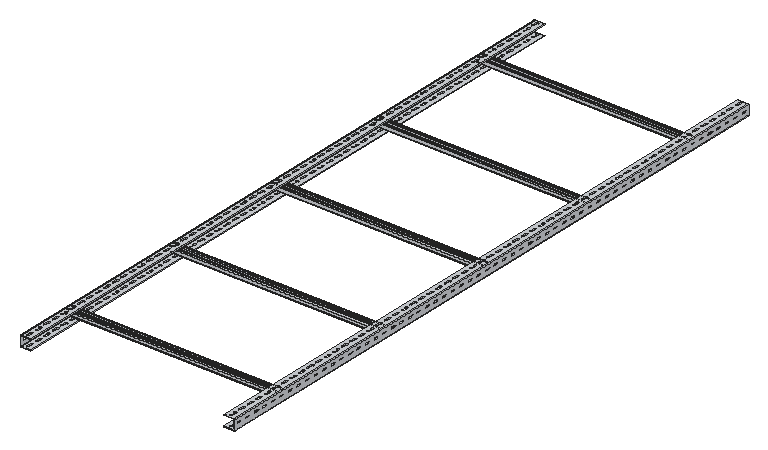
Revit family "steigeleiter_1000_FT", category Generic Models, Revit 2017 (continued)
Forms (mm)
  Extrusion 306, void
    sketch origin (0, 250, 0) x (0, 1, 0) y (0, 0, 1)
      loop
        line (15.5, 19.5) -> (34.5, 19.5)
        arc (34.5, 19.5) -> (40, 25) -> (34.5, 30.5) r 5.5
    from -500 to -497.5
  Extrusion 307, void
    sketch origin (0, 300, 0) x (0, 1, 0) y (0, 0, 1)
      loop
        line (34.5, 30.5) -> (15.5, 30.5)
        arc (15.5, 30.5) -> (10, 25) -> (15.5, 19.5) r 5.5
        line (15.5, 19.5) -> (34.5, 19.5)
        arc (34.5, 19.5) -> (40, 25) -> (34.5, 30.5) r 5.5
    from -500 to -497.5
  Extrusion 308, void
    sketch origin (0, 350, 0) x (0, 1, 0) y (0, 0, 1)
      loop
        line (34.5, 30.5) -> (15.5, 30.5)
        arc (15.5, 30.5) -> (10, 25) -> (15.5, 19.5) r 5.5
        line (15.5, 19.5) -> (34.5, 19.5)
        arc (34.5, 19.5) -> (40, 25) -> (34.5, 30.5) r 5.5
    from -500 to -497.5
  Extrusion 309, void
    sketch origin (0, 400, 0) x (0, 1, 0) y (0, 0, 1)
      loop
        line (34.5, 30.5) -> (15.5, 30.5)
        arc (15.5, 30.5) -> (10, 25) -> (15.5, 19.5) r 5.5
        line (15.5, 19.5) -> (34.5, 19.5)
        arc (34.5, 19.5) -> (40, 25) -> (34.5, 30.5) r 5.5
    from -500 to -497.5
  Extrusion 310, void
    sketch origin (0, 450, 0) x (0, 1, 0) y (0, 0, 1)
      loop
        line (34.5, 30.5) -> (15.5, 30.5)
        arc (15.5, 30.5) -> (10, 25) -> (15.5, 19.5) r 5.5
        line (15.5, 19.5) -> (34.5, 19.5)
        arc (34.5, 19.5) -> (40, 25) -> (34.5, 30.5) r 5.5
    from -500 to -497.5
  Extrusion 311, void
    sketch origin (0, 500, 0) x (0, 1, 0) y (0, 0, 1)
      loop
        line (34.5, 30.5) -> (15.5, 30.5)
        arc (15.5, 30.5) -> (10, 25) -> (15.5, 19.5) r 5.5
        line (15.5, 19.5) -> (34.5, 19.5)
        arc (34.5, 19.5) -> (40, 25) -> (34.5, 30.5) r 5.5
    from -500 to -497.5
  Extrusion 312, void
    sketch origin (0, 550, 0) x (0, 1, 0) y (0, 0, 1)
      loop
        line (34.5, 30.5) -> (15.5, 30.5)
        arc (15.5, 30.5) -> (10, 25) -> (15.5, 19.5) r 5.5
        line (15.5, 19.5) -> (34.5, 19.5)
        arc (34.5, 19.5) -> (40, 25) -> (34.5, 30.5) r 5.5
    from -500 to -497.5
  Extrusion 313, void
    sketch origin (0, 600, 0) x (0, 1, 0) y (0, 0, 1)
      loop
        line (34.5, 30.5) -> (15.5, 30.5)
        arc (15.5, 30.5) -> (10, 25) -> (15.5, 19.5) r 5.5
        line (15.5, 19.5) -> (34.5, 19.5)
        arc (34.5, 19.5) -> (40, 25) -> (34.5, 30.5) r 5.5
    from -500 to -497.5
  Extrusion 314, void
    sketch origin (0, 650, 0) x (0, 1, 0) y (0, 0, 1)
      loop
        line (34.5, 30.5) -> (15.5, 30.5)
        arc (15.5, 30.5) -> (10, 25) -> (15.5, 19.5) r 5.5
        line (15.5, 19.5) -> (34.5, 19.5)
        arc (34.5, 19.5) -> (40, 25) -> (34.5, 30.5) r 5.5
    from -500 to -497.5
  Extrusion 315, void
    sketch origin (0, 700, 0) x (0, 1, 0) y (0, 0, 1)
      loop
        line (34.5, 30.5) -> (15.5, 30.5)
        arc (15.5, 30.5) -> (10, 25) -> (15.5, 19.5) r 5.5
        line (15.5, 19.5) -> (34.5, 19.5)
        arc (34.5, 19.5) -> (40, 25) -> (34.5, 30.5) r 5.5
    from -500 to -497.5
  Extrusion 316, void
    sketch origin (0, 750, 0) x (0, 1, 0) y (0, 0, 1)
      loop
        line (34.5, 30.5) -> (15.5, 30.5)
        arc (15.5, 30.5) -> (10, 25) -> (15.5, 19.5) r 5.5
        line (15.5, 19.5) -> (34.5, 19.5)
        arc (34.5, 19.5) -> (40, 25) -> (34.5, 30.5) r 5.5
    from -500 to -497.5
  Extrusion 317, void
    sketch origin (0, 800, 0) x (0, 1, 0) y (0, 0, 1)
      loop
        line (34.5, 30.5) -> (15.5, 30.5)
        arc (15.5, 30.5) -> (10, 25) -> (15.5, 19.5) r 5.5
        line (15.5, 19.5) -> (34.5, 19.5)
        arc (34.5, 19.5) -> (40, 25) -> (34.5, 30.5) r 5.5
    from -500 to -497.5
  Extrusion 318, void
    sketch origin (0, 850, 0) x (0, 1, 0) y (0, 0, 1)
      loop
        line (34.5, 30.5) -> (15.5, 30.5)
        arc (15.5, 30.5) -> (10, 25) -> (15.5, 19.5) r 5.5
        line (15.5, 19.5) -> (34.5, 19.5)
        arc (34.5, 19.5) -> (40, 25) -> (34.5, 30.5) r 5.5
    from -500 to -497.5
  Extrusion 319, void
    sketch origin (0, 900, 0) x (0, 1, 0) y (0, 0, 1)
      loop
        line (34.5, 30.5) -> (15.5, 30.5)
        arc (15.5, 30.5) -> (10, 25) -> (15.5, 19.5) r 5.5
        line (15.5, 19.5) -> (34.5, 19.5)
        arc (34.5, 19.5) -> (40, 25) -> (34.5, 30.5) r 5.5
    from -500 to -497.5
  Extrusion 320, void
    sketch origin (0, 950, 0) x (0, 1, 0) y (0, 0, 1)
      loop
        line (34.5, 30.5) -> (15.5, 30.5)
        arc (15.5, 30.5) -> (10, 25) -> (15.5, 19.5) r 5.5
        line (15.5, 19.5) -> (34.5, 19.5)
        arc (34.5, 19.5) -> (40, 25) -> (34.5, 30.5) r 5.5
    from -500 to -497.5
  Extrusion 321, void
    sketch origin (0, 1000, 0) x (0, 1, 0) y (0, 0, 1)
      loop
        line (34.5, 30.5) -> (15.5, 30.5)
        arc (15.5, 30.5) -> (10, 25) -> (15.5, 19.5) r 5.5
        line (15.5, 19.5) -> (34.5, 19.5)
        arc (34.5, 19.5) -> (40, 25) -> (34.5, 30.5) r 5.5
    from -500 to -497.5
  Extrusion 322, void
    sketch origin (0, 1050, 0) x (0, 1, 0) y (0, 0, 1)
      loop
        line (34.5, 30.5) -> (15.5, 30.5)
        arc (15.5, 30.5) -> (10, 25) -> (15.5, 19.5) r 5.5
        line (15.5, 19.5) -> (34.5, 19.5)
        arc (34.5, 19.5) -> (40, 25) -> (34.5, 30.5) r 5.5
    from -500 to -497.5
  Extrusion 323, void
    sketch origin (0, 1100, 0) x (0, 1, 0) y (0, 0, 1)
      loop
        line (34.5, 30.5) -> (15.5, 30.5)
        arc (15.5, 30.5) -> (10, 25) -> (15.5, 19.5) r 5.5
        line (15.5, 19.5) -> (34.5, 19.5)
        arc (34.5, 19.5) -> (40, 25) -> (34.5, 30.5) r 5.5
    from -500 to -497.5
  Extrusion 324, void
    sketch origin (0, 1150, 0) x (0, 1, 0) y (0, 0, 1)
      loop
        line (34.5, 30.5) -> (15.5, 30.5)
        arc (15.5, 30.5) -> (10, 25) -> (15.5, 19.5) r 5.5
        line (15.5, 19.5) -> (34.5, 19.5)
        arc (34.5, 19.5) -> (40, 25) -> (34.5, 30.5) r 5.5
    from -500 to -497.5
  Extrusion 325, void
    sketch origin (0, 1200, 0) x (0, 1, 0) y (0, 0, 1)
      loop
        line (34.5, 30.5) -> (15.5, 30.5)
        arc (15.5, 30.5) -> (10, 25) -> (15.5, 19.5) r 5.5
        line (15.5, 19.5) -> (34.5, 19.5)
        arc (34.5, 19.5) -> (40, 25) -> (34.5, 30.5) r 5.5
    from -500 to -497.5
  Extrusion 326, void
    sketch origin (0, 1250, 0) x (0, 1, 0) y (0, 0, 1)
      loop
        line (34.5, 30.5) -> (15.5, 30.5)
        arc (15.5, 30.5) -> (10, 25) -> (15.5, 19.5) r 5.5
        line (15.5, 19.5) -> (34.5, 19.5)
        arc (34.5, 19.5) -> (40, 25) -> (34.5, 30.5) r 5.5
    from -500 to -497.5
  Extrusion 327, void
    sketch origin (0, 1300, 0) x (0, 1, 0) y (0, 0, 1)
      loop
        line (34.5, 30.5) -> (15.5, 30.5)
        arc (15.5, 30.5) -> (10, 25) -> (15.5, 19.5) r 5.5
        line (15.5, 19.5) -> (34.5, 19.5)
        arc (34.5, 19.5) -> (40, 25) -> (34.5, 30.5) r 5.5
    from -500 to -497.5
  Extrusion 328, void
    sketch origin (0, 1350, 0) x (0, 1, 0) y (0, 0, 1)
      loop
        line (34.5, 30.5) -> (15.5, 30.5)
        arc (15.5, 30.5) -> (10, 25) -> (15.5, 19.5) r 5.5
        line (15.5, 19.5) -> (34.5, 19.5)
        arc (34.5, 19.5) -> (40, 25) -> (34.5, 30.5) r 5.5
    from -500 to -497.5
  Extrusion 329, void
    sketch origin (0, 1400, 0) x (0, 1, 0) y (0, 0, 1)
      loop
        line (34.5, 30.5) -> (15.5, 30.5)
        arc (15.5, 30.5) -> (10, 25) -> (15.5, 19.5) r 5.5
        line (15.5, 19.5) -> (34.5, 19.5)
        arc (34.5, 19.5) -> (40, 25) -> (34.5, 30.5) r 5.5
    from -500 to -497.5
  Extrusion 330, void
    sketch origin (0, 1450, 0) x (0, 1, 0) y (0, 0, 1)
      loop
        line (34.5, 30.5) -> (15.5, 30.5)
        arc (15.5, 30.5) -> (10, 25) -> (15.5, 19.5) r 5.5
        line (15.5, 19.5) -> (34.5, 19.5)
        arc (34.5, 19.5) -> (40, 25) -> (34.5, 30.5) r 5.5
    from -500 to -497.5
  Extrusion 331, void
    sketch origin (0, 1500, 0) x (0, 1, 0) y (0, 0, 1)
      loop
        line (34.5, 30.5) -> (15.5, 30.5)
        arc (15.5, 30.5) -> (10, 25) -> (15.5, 19.5) r 5.5
        line (15.5, 19.5) -> (34.5, 19.5)
        arc (34.5, 19.5) -> (40, 25) -> (34.5, 30.5) r 5.5
    from -500 to -497.5
  Extrusion 332, void
    sketch origin (0, 1550, 0) x (0, 1, 0) y (0, 0, 1)
      loop
        line (34.5, 30.5) -> (15.5, 30.5)
        arc (15.5, 30.5) -> (10, 25) -> (15.5, 19.5) r 5.5
        line (15.5, 19.5) -> (34.5, 19.5)
        arc (34.5, 19.5) -> (40, 25) -> (34.5, 30.5) r 5.5
    from -500 to -497.5
  Extrusion 333, void
    sketch origin (0, 1600, 0) x (0, 1, 0) y (0, 0, 1)
      loop
        line (34.5, 30.5) -> (15.5, 30.5)
        arc (15.5, 30.5) -> (10, 25) -> (15.5, 19.5) r 5.5
        line (15.5, 19.5) -> (34.5, 19.5)
        arc (34.5, 19.5) -> (40, 25) -> (34.5, 30.5) r 5.5
    from -500 to -497.5
  Extrusion 334, void
    sketch origin (0, 1650, 0) x (0, 1, 0) y (0, 0, 1)
      loop
        line (34.5, 30.5) -> (15.5, 30.5)
        arc (15.5, 30.5) -> (10, 25) -> (15.5, 19.5) r 5.5
        line (15.5, 19.5) -> (34.5, 19.5)
        arc (34.5, 19.5) -> (40, 25) -> (34.5, 30.5) r 5.5
    from -500 to -497.5
  Extrusion 335, void
    sketch origin (0, 1700, 0) x (0, 1, 0) y (0, 0, 1)
      loop
        line (34.5, 30.5) -> (15.5, 30.5)
        arc (15.5, 30.5) -> (10, 25) -> (15.5, 19.5) r 5.5
        line (15.5, 19.5) -> (34.5, 19.5)
        arc (34.5, 19.5) -> (40, 25) -> (34.5, 30.5) r 5.5
    from -500 to -497.5
  Extrusion 336, void
    sketch origin (0, 1750, 0) x (0, 1, 0) y (0, 0, 1)
      loop
        line (34.5, 30.5) -> (15.5, 30.5)
        arc (15.5, 30.5) -> (10, 25) -> (15.5, 19.5) r 5.5
        line (15.5, 19.5) -> (34.5, 19.5)
        arc (34.5, 19.5) -> (40, 25) -> (34.5, 30.5) r 5.5
    from -500 to -497.5
  Extrusion 337, void
    sketch origin (0, 1800, 0) x (0, 1, 0) y (0, 0, 1)
      loop
        line (34.5, 30.5) -> (15.5, 30.5)
        arc (15.5, 30.5) -> (10, 25) -> (15.5, 19.5) r 5.5
        line (15.5, 19.5) -> (34.5, 19.5)
        arc (34.5, 19.5) -> (40, 25) -> (34.5, 30.5) r 5.5
    from -500 to -497.5
  Extrusion 338, void
    sketch origin (0, 1850, 0) x (0, 1, 0) y (0, 0, 1)
      loop
        line (34.5, 30.5) -> (15.5, 30.5)
        arc (15.5, 30.5) -> (10, 25) -> (15.5, 19.5) r 5.5
        line (15.5, 19.5) -> (34.5, 19.5)
        arc (34.5, 19.5) -> (40, 25) -> (34.5, 30.5) r 5.5
    from -500 to -497.5
  Extrusion 339, void
    sketch origin (0, 1900, 0) x (0, 1, 0) y (0, 0, 1)
      loop
        line (34.5, 30.5) -> (15.5, 30.5)
        arc (15.5, 30.5) -> (10, 25) -> (15.5, 19.5) r 5.5
        line (15.5, 19.5) -> (34.5, 19.5)
        arc (34.5, 19.5) -> (40, 25) -> (34.5, 30.5) r 5.5
    from -500 to -497.5
  Extrusion 340, void
    sketch origin (0, 1950, 0) x (0, 1, 0) y (0, 0, 1)
      loop
        line (34.5, 30.5) -> (15.5, 30.5)
        arc (15.5, 30.5) -> (10, 25) -> (15.5, 19.5) r 5.5
        line (15.5, 19.5) -> (34.5, 19.5)
        arc (34.5, 19.5) -> (40, 25) -> (34.5, 30.5) r 5.5
    from -500 to -497.5
  Extrusion 341, void
    sketch origin (0, 2000, 0) x (0, 1, 0) y (0, 0, 1)
      loop
        line (34.5, 30.5) -> (15.5, 30.5)
        arc (15.5, 30.5) -> (10, 25) -> (15.5, 19.5) r 5.5
        line (15.5, 19.5) -> (34.5, 19.5)
        arc (34.5, 19.5) -> (40, 25) -> (34.5, 30.5) r 5.5
    from -500 to -497.5
  Extrusion 342, void
    sketch origin (0, 2050, 0) x (0, 1, 0) y (0, 0, 1)
      loop
        line (34.5, 30.5) -> (15.5, 30.5)
        arc (15.5, 30.5) -> (10, 25) -> (15.5, 19.5) r 5.5
        line (15.5, 19.5) -> (34.5, 19.5)
        arc (34.5, 19.5) -> (40, 25) -> (34.5, 30.5) r 5.5
    from -500 to -497.5
  Extrusion 343, void
    sketch origin (0, 2100, 0) x (0, 1, 0) y (0, 0, 1)
      loop
        line (34.5, 30.5) -> (15.5, 30.5)
        arc (15.5, 30.5) -> (10, 25) -> (15.5, 19.5) r 5.5
        line (15.5, 19.5) -> (34.5, 19.5)
        arc (34.5, 19.5) -> (40, 25) -> (34.5, 30.5) r 5.5
    from -500 to -497.5
  Extrusion 344, void
    sketch origin (0, 2150, 0) x (0, 1, 0) y (0, 0, 1)
      loop
        line (34.5, 30.5) -> (15.5, 30.5)
        arc (15.5, 30.5) -> (10, 25) -> (15.5, 19.5) r 5.5
        line (15.5, 19.5) -> (34.5, 19.5)
        arc (34.5, 19.5) -> (40, 25) -> (34.5, 30.5) r 5.5
    from -500 to -497.5
  Extrusion 345, void
    sketch origin (0, 2200, 0) x (0, 1, 0) y (0, 0, 1)
      loop
        line (34.5, 30.5) -> (15.5, 30.5)
        arc (15.5, 30.5) -> (10, 25) -> (15.5, 19.5) r 5.5
        line (15.5, 19.5) -> (34.5, 19.5)
        arc (34.5, 19.5) -> (40, 25) -> (34.5, 30.5) r 5.5
    from -500 to -497.5
  Extrusion 346, void
    sketch origin (0, 2250, 0) x (0, 1, 0) y (0, 0, 1)
      loop
        line (34.5, 30.5) -> (15.5, 30.5)
        arc (15.5, 30.5) -> (10, 25) -> (15.5, 19.5) r 5.5
        line (15.5, 19.5) -> (34.5, 19.5)
        arc (34.5, 19.5) -> (40, 25) -> (34.5, 30.5) r 5.5
    from -500 to -497.5
  Extrusion 347, void
    sketch origin (0, 2300, 0) x (0, 1, 0) y (0, 0, 1)
      loop
        line (34.5, 30.5) -> (15.5, 30.5)
        arc (15.5, 30.5) -> (10, 25) -> (15.5, 19.5) r 5.5
        line (15.5, 19.5) -> (34.5, 19.5)
        arc (34.5, 19.5) -> (40, 25) -> (34.5, 30.5) r 5.5
    from -500 to -497.5
  Extrusion 348, void
    sketch origin (0, 2350, 0) x (0, 1, 0) y (0, 0, 1)
      loop
        line (34.5, 30.5) -> (15.5, 30.5)
        arc (15.5, 30.5) -> (10, 25) -> (15.5, 19.5) r 5.5
        line (15.5, 19.5) -> (34.5, 19.5)
        arc (34.5, 19.5) -> (40, 25) -> (34.5, 30.5) r 5.5
    from -500 to -497.5
  Extrusion 349, void
    sketch origin (0, 2400, 0) x (0, 1, 0) y (0, 0, 1)
      loop
        line (34.5, 30.5) -> (15.5, 30.5)
        arc (15.5, 30.5) -> (10, 25) -> (15.5, 19.5) r 5.5
        line (15.5, 19.5) -> (34.5, 19.5)
        arc (34.5, 19.5) -> (40, 25) -> (34.5, 30.5) r 5.5
    from -500 to -497.5
  Extrusion 350, void
    sketch origin (0, 2450, 0) x (0, 1, 0) y (0, 0, 1)
      loop
        line (34.5, 30.5) -> (15.5, 30.5)
        arc (15.5, 30.5) -> (10, 25) -> (15.5, 19.5) r 5.5
        line (15.5, 19.5) -> (34.5, 19.5)
        arc (34.5, 19.5) -> (40, 25) -> (34.5, 30.5) r 5.5
    from -500 to -497.5
  Extrusion 351, void
    sketch origin (0, 2500, 0) x (0, 1, 0) y (0, 0, 1)
      loop
        line (34.5, 30.5) -> (15.5, 30.5)
        arc (15.5, 30.5) -> (10, 25) -> (15.5, 19.5) r 5.5
        line (15.5, 19.5) -> (34.5, 19.5)
        arc (34.5, 19.5) -> (40, 25) -> (34.5, 30.5) r 5.5
    from -500 to -497.5
  Extrusion 352, void
    sketch origin (0, 2550, 0) x (0, 1, 0) y (0, 0, 1)
      loop
        line (34.5, 30.5) -> (15.5, 30.5)
        arc (15.5, 30.5) -> (10, 25) -> (15.5, 19.5) r 5.5
        line (15.5, 19.5) -> (34.5, 19.5)
        arc (34.5, 19.5) -> (40, 25) -> (34.5, 30.5) r 5.5
    from -500 to -497.5
  Extrusion 353, void
    sketch origin (0, 2600, 0) x (0, 1, 0) y (0, 0, 1)
      loop
        line (34.5, 30.5) -> (15.5, 30.5)
        arc (15.5, 30.5) -> (10, 25) -> (15.5, 19.5) r 5.5
        line (15.5, 19.5) -> (34.5, 19.5)
        arc (34.5, 19.5) -> (40, 25) -> (34.5, 30.5) r 5.5
    from -500 to -497.5
  Extrusion 354, void
    sketch origin (0, 2650, 0) x (0, 1, 0) y (0, 0, 1)
      loop
        line (34.5, 30.5) -> (15.5, 30.5)
        arc (15.5, 30.5) -> (10, 25) -> (15.5, 19.5) r 5.5
        line (15.5, 19.5) -> (34.5, 19.5)
        arc (34.5, 19.5) -> (40, 25) -> (34.5, 30.5) r 5.5
    from -500 to -497.5
  Extrusion 355, void
    sketch origin (0, 2700, 0) x (0, 1, 0) y (0, 0, 1)
      loop
        line (34.5, 30.5) -> (15.5, 30.5)
        arc (15.5, 30.5) -> (10, 25) -> (15.5, 19.5) r 5.5
        line (15.5, 19.5) -> (34.5, 19.5)
        arc (34.5, 19.5) -> (40, 25) -> (34.5, 30.5) r 5.5
    from -500 to -497.5
  Extrusion 356, void
    sketch origin (0, 2750, 0) x (0, 1, 0) y (0, 0, 1)
      loop
        line (34.5, 30.5) -> (15.5, 30.5)
        arc (15.5, 30.5) -> (10, 25) -> (15.5, 19.5) r 5.5
        line (15.5, 19.5) -> (34.5, 19.5)
        arc (34.5, 19.5) -> (40, 25) -> (34.5, 30.5) r 5.5
    from -500 to -497.5
  Extrusion 357, void
    sketch origin (0, 2800, 0) x (0, 1, 0) y (0, 0, 1)
      loop
        line (34.5, 30.5) -> (15.5, 30.5)
        arc (15.5, 30.5) -> (10, 25) -> (15.5, 19.5) r 5.5
        line (15.5, 19.5) -> (34.5, 19.5)
        arc (34.5, 19.5) -> (40, 25) -> (34.5, 30.5) r 5.5
    from -500 to -497.5
  Extrusion 358, void
    sketch origin (0, 2850, 0) x (0, 1, 0) y (0, 0, 1)
      loop
        line (34.5, 30.5) -> (15.5, 30.5)
        arc (15.5, 30.5) -> (10, 25) -> (15.5, 19.5) r 5.5
        line (15.5, 19.5) -> (34.5, 19.5)
        arc (34.5, 19.5) -> (40, 25) -> (34.5, 30.5) r 5.5
    from -500 to -497.5
  Extrusion 359, void
    sketch origin (0, 2900, 0) x (0, 1, 0) y (0, 0, 1)
      loop
        line (34.5, 30.5) -> (15.5, 30.5)
        arc (15.5, 30.5) -> (10, 25) -> (15.5, 19.5) r 5.5
        line (15.5, 19.5) -> (34.5, 19.5)
        arc (34.5, 19.5) -> (40, 25) -> (34.5, 30.5) r 5.5
    from -500 to -497.5
  Extrusion 360, void
    sketch origin (0, 2950, 0) x (0, 1, 0) y (0, 0, 1)
      loop
        line (34.5, 30.5) -> (15.5, 30.5)
        arc (15.5, 30.5) -> (10, 25) -> (15.5, 19.5) r 5.5
        line (15.5, 19.5) -> (34.5, 19.5)
        arc (34.5, 19.5) -> (40, 25) -> (34.5, 30.5) r 5.5
    from -500 to -497.5
  Extrusion 361, void
    sketch origin (0, 0, 0) x (0, 1, 0) y (0, 0, 1)
      loop
        line (34.5, 30.5) -> (15.5, 30.5)
        arc (15.5, 30.5) -> (10, 25) -> (15.5, 19.5) r 5.5
        line (15.5, 19.5) -> (34.5, 19.5)
        arc (34.5, 19.5) -> (40, 25) -> (34.5, 30.5) r 5.5
    from -500 to -497.5
  Extrusion 362, solid
    sketch origin (0, 0, 0) x (0, 1, 0) y (0, 0, 1)
      loop
        arc (257.5, 27) -> (256.086, 27.586) -> (255.5, 29) r 2
        line (255.5, 29) -> (255.5, 43.5)
        arc (255.5, 43.5) -> (256.086, 44.914) -> (257.5, 45.5) r 2
        line (257.5, 45.5) -> (261.5, 45.5)
        arc (261.5, 45.5) -> (262.207, 45.207) -> (262.5, 44.5) r 1
        line (262.5, 44.5) -> (262.5, 42) -> (264.5, 42) -> (264.5, 44.5)
        arc (264.5, 44.5) -> (263.621, 46.621) -> (261.5, 47.5) r 3
        line (261.5, 47.5) -> (257.5, 47.5)
        arc (257.5, 47.5) -> (254.672, 46.328) -> (253.5, 43.5) r 4
        line (253.5, 43.5) -> (253.5, 29)
        arc (253.5, 29) -> (254.672, 26.172) -> (257.5, 25) r 4
        line (257.5, 25) -> (289.5, 25)
        arc (289.5, 25) -> (292.328, 26.172) -> (293.5, 29) r 4
        line (293.5, 29) -> (293.5, 43.5)
        arc (293.5, 43.5) -> (292.328, 46.328) -> (289.5, 47.5) r 4
        line (289.5, 47.5) -> (285.5, 47.5)
        arc (285.5, 47.5) -> (283.379, 46.621) -> (282.5, 44.5) r 3
        line (282.5, 44.5) -> (282.5, 42) -> (284.5, 42) -> (284.5, 44.5)
        arc (284.5, 44.5) -> (284.793, 45.207) -> (285.5, 45.5) r 1
        line (285.5, 45.5) -> (289.5, 45.5)
        arc (289.5, 45.5) -> (290.914, 44.914) -> (291.5, 43.5) r 2
        line (291.5, 43.5) -> (291.5, 29)
        arc (291.5, 29) -> (290.914, 27.586) -> (289.5, 27) r 2
        line (289.5, 27) -> (257.5, 27)
    from -497.5 to 497.5
  Extrusion 363, solid
    sketch origin (0, 600, 0) x (0, 1, 0) y (0, 0, 1)
      loop
        arc (257.5, 27) -> (256.086, 27.586) -> (255.5, 29) r 2
        line (255.5, 29) -> (255.5, 43.5)
        arc (255.5, 43.5) -> (256.086, 44.914) -> (257.5, 45.5) r 2
        line (257.5, 45.5) -> (261.5, 45.5)
        arc (261.5, 45.5) -> (262.207, 45.207) -> (262.5, 44.5) r 1
        line (262.5, 44.5) -> (262.5, 42) -> (264.5, 42) -> (264.5, 44.5)
        arc (264.5, 44.5) -> (263.621, 46.621) -> (261.5, 47.5) r 3
        line (261.5, 47.5) -> (257.5, 47.5)
        arc (257.5, 47.5) -> (254.672, 46.328) -> (253.5, 43.5) r 4
        line (253.5, 43.5) -> (253.5, 29)
        arc (253.5, 29) -> (254.672, 26.172) -> (257.5, 25) r 4
        line (257.5, 25) -> (289.5, 25)
        arc (289.5, 25) -> (292.328, 26.172) -> (293.5, 29) r 4
        line (293.5, 29) -> (293.5, 43.5)
        arc (293.5, 43.5) -> (292.328, 46.328) -> (289.5, 47.5) r 4
        line (289.5, 47.5) -> (285.5, 47.5)
        arc (285.5, 47.5) -> (283.379, 46.621) -> (282.5, 44.5) r 3
        line (282.5, 44.5) -> (282.5, 42) -> (284.5, 42) -> (284.5, 44.5)
        arc (284.5, 44.5) -> (284.793, 45.207) -> (285.5, 45.5) r 1
        line (285.5, 45.5) -> (289.5, 45.5)
        arc (289.5, 45.5) -> (290.914, 44.914) -> (291.5, 43.5) r 2
        line (291.5, 43.5) -> (291.5, 29)
        arc (291.5, 29) -> (290.914, 27.586) -> (289.5, 27) r 2
        line (289.5, 27) -> (257.5, 27)
    from -497.5 to 497.5
  Extrusion 364, solid
    sketch origin (0, 1200, 0) x (0, 1, 0) y (0, 0, 1)
      loop
        arc (257.5, 27) -> (256.086, 27.586) -> (255.5, 29) r 2
        line (255.5, 29) -> (255.5, 43.5)
        arc (255.5, 43.5) -> (256.086, 44.914) -> (257.5, 45.5) r 2
        line (257.5, 45.5) -> (261.5, 45.5)
        arc (261.5, 45.5) -> (262.207, 45.207) -> (262.5, 44.5) r 1
        line (262.5, 44.5) -> (262.5, 42) -> (264.5, 42) -> (264.5, 44.5)
        arc (264.5, 44.5) -> (263.621, 46.621) -> (261.5, 47.5) r 3
        line (261.5, 47.5) -> (257.5, 47.5)
        arc (257.5, 47.5) -> (254.672, 46.328) -> (253.5, 43.5) r 4
        line (253.5, 43.5) -> (253.5, 29)
        arc (253.5, 29) -> (254.672, 26.172) -> (257.5, 25) r 4
        line (257.5, 25) -> (289.5, 25)
        arc (289.5, 25) -> (292.328, 26.172) -> (293.5, 29) r 4
        line (293.5, 29) -> (293.5, 43.5)
        arc (293.5, 43.5) -> (292.328, 46.328) -> (289.5, 47.5) r 4
        line (289.5, 47.5) -> (285.5, 47.5)
        arc (285.5, 47.5) -> (283.379, 46.621) -> (282.5, 44.5) r 3
        line (282.5, 44.5) -> (282.5, 42) -> (284.5, 42) -> (284.5, 44.5)
        arc (284.5, 44.5) -> (284.793, 45.207) -> (285.5, 45.5) r 1
        line (285.5, 45.5) -> (289.5, 45.5)
        arc (289.5, 45.5) -> (290.914, 44.914) -> (291.5, 43.5) r 2
        line (291.5, 43.5) -> (291.5, 29)
        arc (291.5, 29) -> (290.914, 27.586) -> (289.5, 27) r 2
        line (289.5, 27) -> (257.5, 27)
    from -497.5 to 497.5
  Extrusion 365, solid
    sketch origin (0, 1800, 0) x (0, 1, 0) y (0, 0, 1)
      loop
        arc (257.5, 27) -> (256.086, 27.586) -> (255.5, 29) r 2
        line (255.5, 29) -> (255.5, 43.5)
        arc (255.5, 43.5) -> (256.086, 44.914) -> (257.5, 45.5) r 2
        line (257.5, 45.5) -> (261.5, 45.5)
        arc (261.5, 45.5) -> (262.207, 45.207) -> (262.5, 44.5) r 1
        line (262.5, 44.5) -> (262.5, 42) -> (264.5, 42) -> (264.5, 44.5)
        arc (264.5, 44.5) -> (263.621, 46.621) -> (261.5, 47.5) r 3
        line (261.5, 47.5) -> (257.5, 47.5)
        arc (257.5, 47.5) -> (254.672, 46.328) -> (253.5, 43.5) r 4
        line (253.5, 43.5) -> (253.5, 29)
        arc (253.5, 29) -> (254.672, 26.172) -> (257.5, 25) r 4
        line (257.5, 25) -> (289.5, 25)
        arc (289.5, 25) -> (292.328, 26.172) -> (293.5, 29) r 4
        line (293.5, 29) -> (293.5, 43.5)
        arc (293.5, 43.5) -> (292.328, 46.328) -> (289.5, 47.5) r 4
        line (289.5, 47.5) -> (285.5, 47.5)
        arc (285.5, 47.5) -> (283.379, 46.621) -> (282.5, 44.5) r 3
        line (282.5, 44.5) -> (282.5, 42) -> (284.5, 42) -> (284.5, 44.5)
        arc (284.5, 44.5) -> (284.793, 45.207) -> (285.5, 45.5) r 1
        line (285.5, 45.5) -> (289.5, 45.5)
        arc (289.5, 45.5) -> (290.914, 44.914) -> (291.5, 43.5) r 2
        line (291.5, 43.5) -> (291.5, 29)
        arc (291.5, 29) -> (290.914, 27.586) -> (289.5, 27) r 2
        line (289.5, 27) -> (257.5, 27)
    from -497.5 to 497.5
  Extrusion 366, solid
    sketch origin (0, 2400, 0) x (0, 1, 0) y (0, 0, 1)
      loop
        arc (257.5, 27) -> (256.086, 27.586) -> (255.5, 29) r 2
        line (255.5, 29) -> (255.5, 43.5)
        arc (255.5, 43.5) -> (256.086, 44.914) -> (257.5, 45.5) r 2
        line (257.5, 45.5) -> (261.5, 45.5)
        arc (261.5, 45.5) -> (262.207, 45.207) -> (262.5, 44.5) r 1
        line (262.5, 44.5) -> (262.5, 42) -> (264.5, 42) -> (264.5, 44.5)
        arc (264.5, 44.5) -> (263.621, 46.621) -> (261.5, 47.5) r 3
        line (261.5, 47.5) -> (257.5, 47.5)
        arc (257.5, 47.5) -> (254.672, 46.328) -> (253.5, 43.5) r 4
        line (253.5, 43.5) -> (253.5, 29)
        arc (253.5, 29) -> (254.672, 26.172) -> (257.5, 25) r 4
        line (257.5, 25) -> (289.5, 25)
        arc (289.5, 25) -> (292.328, 26.172) -> (293.5, 29) r 4
        line (293.5, 29) -> (293.5, 43.5)
        arc (293.5, 43.5) -> (292.328, 46.328) -> (289.5, 47.5) r 4
        line (289.5, 47.5) -> (285.5, 47.5)
        arc (285.5, 47.5) -> (283.379, 46.621) -> (282.5, 44.5) r 3
        line (282.5, 44.5) -> (282.5, 42) -> (284.5, 42) -> (284.5, 44.5)
        arc (284.5, 44.5) -> (284.793, 45.207) -> (285.5, 45.5) r 1
        line (285.5, 45.5) -> (289.5, 45.5)
        arc (289.5, 45.5) -> (290.914, 44.914) -> (291.5, 43.5) r 2
        line (291.5, 43.5) -> (291.5, 29)
        arc (291.5, 29) -> (290.914, 27.586) -> (289.5, 27) r 2
        line (289.5, 27) -> (257.5, 27)
    from -497.5 to 497.5
Cuts and joins
  Extrusion 2, Extrusion 3, Extrusion 4, Extrusion 5, Extrusion 6, Extrusion 7, Extrusion 8, Extrusion 9, Extrusion 10, Extrusion 11, Extrusion 12, Extrusion 13, Extrusion 14, Extrusion 15, Extrusion 16, Extrusion 17, Extrusion 18, Extrusion 19, Extrusion 20, Extrusion 21, Extrusion 22, Extrusion 23, Extrusion 24, Extrusion 25, Extrusion 26, Extrusion 27, Extrusion 28, Extrusion 29, Extrusion 30, Extrusion 31, Extrusion 32, Extrusion 33, Extrusion 34, Extrusion 35, Extrusion 36, Extrusion 37, Extrusion 38, Extrusion 39, Extrusion 40, Extrusion 41, Extrusion 42, Extrusion 43, Extrusion 44, Extrusion 45, Extrusion 46, Extrusion 47, Extrusion 48, Extrusion 49, Extrusion 50, Extrusion 51, Extrusion 52, Extrusion 53, Extrusion 54, Extrusion 55, Extrusion 56, Extrusion 57, Extrusion 58, Extrusion 59, Extrusion 60, Extrusion 61, Extrusion 62, Extrusion 63, Extrusion 64, Extrusion 65, Extrusion 66, Extrusion 67, Extrusion 68, Extrusion 69, Extrusion 70, Extrusion 71, Extrusion 72, Extrusion 73, Extrusion 74, Extrusion 75, Extrusion 76, Extrusion 77, Extrusion 78, Extrusion 79, Extrusion 80, Extrusion 81, Extrusion 82, Extrusion 83, Extrusion 84, Extrusion 85, Extrusion 86, Extrusion 87, Extrusion 88, Extrusion 89, Extrusion 90, Extrusion 91, Extrusion 92, Extrusion 93, Extrusion 94, Extrusion 95, Extrusion 96, Extrusion 97, Extrusion 98, Extrusion 99, Extrusion 100, Extrusion 101, Extrusion 102, Extrusion 103, Extrusion 104, Extrusion 105, Extrusion 106, Extrusion 107, Extrusion 108, Extrusion 109, Extrusion 110, Extrusion 111, Extrusion 112, Extrusion 113, Extrusion 114, Extrusion 115, Extrusion 116, Extrusion 117, Extrusion 118, Extrusion 119, Extrusion 120, Extrusion 121, Extrusion 122, Extrusion 123, Extrusion 124, Extrusion 125, Extrusion 126, Extrusion 127, Extrusion 128, Extrusion 129, Extrusion 130, Extrusion 131, Extrusion 132, Extrusion 133, Extrusion 134, Extrusion 135, Extrusion 136, Extrusion 137, Extrusion 138, Extrusion 139, Extrusion 140, Extrusion 141, Extrusion 142, Extrusion 143, Extrusion 144, Extrusion 145, Extrusion 146, Extrusion 147, Extrusion 148, Extrusion 149, Extrusion 150, Extrusion 151, Extrusion 152, Extrusion 153, Extrusion 154, Extrusion 155, Extrusion 156, Extrusion 157, Extrusion 158, Extrusion 159, Extrusion 160, Extrusion 161, Extrusion 162, Extrusion 163, Extrusion 164, Extrusion 165, Extrusion 166, Extrusion 167, Extrusion 168, Extrusion 169, Extrusion 170, Extrusion 171, Extrusion 172, Extrusion 173, Extrusion 174, Extrusion 175, Extrusion 176, Extrusion 177, Extrusion 178, Extrusion 179, Extrusion 180, Extrusion 181, Extrusion 182, Extrusion 183, Extrusion 184, Extrusion 185, Extrusion 186, Extrusion 187, Extrusion 188, Extrusion 189, Extrusion 190, Extrusion 191, Extrusion 192, Extrusion 193, Extrusion 194, Extrusion 195, Extrusion 196, Extrusion 197, Extrusion 198, Extrusion 199, Extrusion 200, Extrusion 201, Extrusion 202, Extrusion 203, Extrusion 204, Extrusion 205, Extrusion 206, Extrusion 207, Extrusion 208, Extrusion 209, Extrusion 210, Extrusion 211, Extrusion 212, Extrusion 213, Extrusion 214, Extrusion 215, Extrusion 216, Extrusion 217, Extrusion 218, Extrusion 219, Extrusion 220, Extrusion 221, Extrusion 222, Extrusion 223, Extrusion 224, Extrusion 225, Extrusion 226, Extrusion 227, Extrusion 228, Extrusion 229, Extrusion 230, Extrusion 231, Extrusion 232, Extrusion 233, Extrusion 234, Extrusion 235, Extrusion 236, Extrusion 237, Extrusion 238, Extrusion 239, Extrusion 240, Extrusion 241, Extrusion 242, Extrusion 243, Extrusion 244, Extrusion 245, Extrusion 246, Extrusion 247, Extrusion 248, Extrusion 249, Extrusion 250, Extrusion 251, Extrusion 252, Extrusion 253, Extrusion 254, Extrusion 255, Extrusion 256, Extrusion 257, Extrusion 258, Extrusion 259, Extrusion 260, Extrusion 261, Extrusion 262, Extrusion 263, Extrusion 264, Extrusion 265, Extrusion 266, Extrusion 267, Extrusion 268, Extrusion 269, Extrusion 270, Extrusion 271, Extrusion 272, Extrusion 273, Extrusion 274, Extrusion 275, Extrusion 276, Extrusion 277, Extrusion 278, Extrusion 279, Extrusion 280, Extrusion 281, Extrusion 282, Extrusion 283, Extrusion 284, Extrusion 285, Extrusion 286, Extrusion 287, Extrusion 288, Extrusion 289, Extrusion 290, Extrusion 291, Extrusion 292, Extrusion 293, Extrusion 294, Extrusion 295, Extrusion 296, Extrusion 297, Extrusion 298, Extrusion 299, Extrusion 300, Extrusion 301, Extrusion 302, Extrusion 303, Extrusion 304, Extrusion 305, Extrusion 306, Extrusion 307, Extrusion 308, Extrusion 309, Extrusion 310, Extrusion 311, Extrusion 312, Extrusion 313, Extrusion 314, Extrusion 315, Extrusion 316, Extrusion 317, Extrusion 318, Extrusion 319, Extrusion 320, Extrusion 321, Extrusion 322, Extrusion 323, Extrusion 324, Extrusion 325, Extrusion 326, Extrusion 327, Extrusion 328, Extrusion 329, Extrusion 330, Extrusion 331, Extrusion 332, Extrusion 333, Extrusion 334, Extrusion 335, Extrusion 336, Extrusion 337, Extrusion 338, Extrusion 339, Extrusion 340, Extrusion 341, Extrusion 342, Extrusion 343, Extrusion 344, Extrusion 345, Extrusion 346, Extrusion 347, Extrusion 348, Extrusion 349, Extrusion 350, Extrusion 351, Extrusion 352, Extrusion 353, Extrusion 354, Extrusion 355, Extrusion 356, Extrusion 357, Extrusion 358, Extrusion 359, Extrusion 360, Extrusion 361 cuts Extrusion 1
Dimensions and locks
  locked: Extrusion 1 sketch curve to Extrusion 1 sketch curve at 2.5  (x6)
  Extrusion 1 sketch curve to Extrusion 1 sketch curve = 2.5 mm  (x3)
  locked: level to Extrusion 1 at 2.5
  "Length": plane 5 to plane 1 "Center (Front/Back)"
  locked: Extrusion 1 sketch curve to Extrusion 1 sketch curve at 50  (x6)
  Extrusion 1 sketch curve to Extrusion 1 sketch curve = 50 mm
  "Width": Extrusion 1 to Extrusion 1
  "Width 1": Extrusion 1 to plane 3 "Center (Left/Right)"
  locked: Extrusion 2 sketch curve to Extrusion 2 sketch curve at 11
  locked: Extrusion 3 sketch curve to Extrusion 3 sketch curve at 11
  locked: Extrusion 4 sketch curve to Extrusion 4 sketch curve at 11
  locked: Extrusion 5 sketch curve to Extrusion 5 sketch curve at 11
  locked: Extrusion 6 sketch curve to Extrusion 6 sketch curve at 11
  locked: Extrusion 7 sketch curve to Extrusion 7 sketch curve at 11
  locked: Extrusion 8 sketch curve to Extrusion 8 sketch curve at 11
  locked: Extrusion 9 sketch curve to Extrusion 9 sketch curve at 11
  locked: Extrusion 10 sketch curve to Extrusion 10 sketch curve at 11
  locked: Extrusion 11 sketch curve to Extrusion 11 sketch curve at 11
  locked: Extrusion 12 sketch curve to Extrusion 12 sketch curve at 11
  locked: Extrusion 13 sketch curve to Extrusion 13 sketch curve at 11
  locked: Extrusion 14 sketch curve to Extrusion 14 sketch curve at 11
  locked: Extrusion 15 sketch curve to Extrusion 15 sketch curve at 11
  locked: Extrusion 16 sketch curve to Extrusion 16 sketch curve at 11
  locked: Extrusion 17 sketch curve to Extrusion 17 sketch curve at 11
  locked: Extrusion 18 sketch curve to Extrusion 18 sketch curve at 11
  locked: Extrusion 19 sketch curve to Extrusion 19 sketch curve at 11
  locked: Extrusion 20 sketch curve to Extrusion 20 sketch curve at 11
  locked: Extrusion 21 sketch curve to Extrusion 21 sketch curve at 11
  locked: Extrusion 22 sketch curve to Extrusion 22 sketch curve at 11
  locked: Extrusion 23 sketch curve to Extrusion 23 sketch curve at 11
  locked: Extrusion 24 sketch curve to Extrusion 24 sketch curve at 11
  locked: Extrusion 25 sketch curve to Extrusion 25 sketch curve at 11
  locked: Extrusion 26 sketch curve to Extrusion 26 sketch curve at 11
  locked: Extrusion 27 sketch curve to Extrusion 27 sketch curve at 11
  locked: Extrusion 28 sketch curve to Extrusion 28 sketch curve at 11
  locked: Extrusion 29 sketch curve to Extrusion 29 sketch curve at 11
  locked: Extrusion 30 sketch curve to Extrusion 30 sketch curve at 11
  locked: Extrusion 31 sketch curve to Extrusion 31 sketch curve at 11
  locked: Extrusion 32 sketch curve to Extrusion 32 sketch curve at 11
  locked: Extrusion 33 sketch curve to Extrusion 33 sketch curve at 11
  locked: Extrusion 34 sketch curve to Extrusion 34 sketch curve at 11
  locked: Extrusion 35 sketch curve to Extrusion 35 sketch curve at 11
  locked: Extrusion 36 sketch curve to Extrusion 36 sketch curve at 11
  locked: Extrusion 37 sketch curve to Extrusion 37 sketch curve at 11
  locked: Extrusion 38 sketch curve to Extrusion 38 sketch curve at 11
  locked: Extrusion 39 sketch curve to Extrusion 39 sketch curve at 11
  locked: Extrusion 40 sketch curve to Extrusion 40 sketch curve at 11
  locked: Extrusion 41 sketch curve to Extrusion 41 sketch curve at 11
  locked: Extrusion 42 sketch curve to Extrusion 42 sketch curve at 11
  locked: Extrusion 43 sketch curve to Extrusion 43 sketch curve at 11
  locked: Extrusion 44 sketch curve to Extrusion 44 sketch curve at 11
  locked: Extrusion 45 sketch curve to Extrusion 45 sketch curve at 11
  locked: Extrusion 46 sketch curve to Extrusion 46 sketch curve at 11
  locked: Extrusion 47 sketch curve to Extrusion 47 sketch curve at 11
  locked: Extrusion 48 sketch curve to Extrusion 48 sketch curve at 11
  locked: Extrusion 49 sketch curve to Extrusion 49 sketch curve at 11
  locked: Extrusion 50 sketch curve to Extrusion 50 sketch curve at 11
  locked: Extrusion 51 sketch curve to Extrusion 51 sketch curve at 11
  locked: Extrusion 52 sketch curve to Extrusion 52 sketch curve at 11
  locked: Extrusion 53 sketch curve to Extrusion 53 sketch curve at 11
  locked: Extrusion 54 sketch curve to Extrusion 54 sketch curve at 11
  locked: Extrusion 55 sketch curve to Extrusion 55 sketch curve at 11
  locked: Extrusion 56 sketch curve to Extrusion 56 sketch curve at 11
  locked: Extrusion 57 sketch curve to Extrusion 57 sketch curve at 11
  locked: Extrusion 58 sketch curve to Extrusion 58 sketch curve at 11
  locked: Extrusion 59 sketch curve to Extrusion 59 sketch curve at 11
  locked: Extrusion 60 sketch curve to Extrusion 60 sketch curve at 11
  locked: Extrusion 61 sketch curve to Extrusion 61 sketch curve at 11
  locked: Extrusion 62 sketch curve to Extrusion 62 sketch curve at 11
  locked: Extrusion 63 sketch curve to Extrusion 63 sketch curve at 11
  locked: Extrusion 64 sketch curve to Extrusion 64 sketch curve at 11
  locked: Extrusion 65 sketch curve to Extrusion 65 sketch curve at 11
  locked: Extrusion 66 sketch curve to Extrusion 66 sketch curve at 11
  locked: Extrusion 67 sketch curve to Extrusion 67 sketch curve at 11
  locked: Extrusion 68 sketch curve to Extrusion 68 sketch curve at 11
  locked: Extrusion 69 sketch curve to Extrusion 69 sketch curve at 11
  locked: Extrusion 70 sketch curve to Extrusion 70 sketch curve at 11
  locked: Extrusion 71 sketch curve to Extrusion 71 sketch curve at 11
  locked: Extrusion 72 sketch curve to Extrusion 72 sketch curve at 11
  locked: Extrusion 73 sketch curve to Extrusion 73 sketch curve at 11
  locked: Extrusion 74 sketch curve to Extrusion 74 sketch curve at 11
  locked: Extrusion 75 sketch curve to Extrusion 75 sketch curve at 11
  locked: Extrusion 76 sketch curve to Extrusion 76 sketch curve at 11
  locked: Extrusion 77 sketch curve to Extrusion 77 sketch curve at 11
  locked: Extrusion 78 sketch curve to Extrusion 78 sketch curve at 11
  locked: Extrusion 79 sketch curve to Extrusion 79 sketch curve at 11
  locked: Extrusion 80 sketch curve to Extrusion 80 sketch curve at 11
  locked: Extrusion 81 sketch curve to Extrusion 81 sketch curve at 11
  locked: Extrusion 82 sketch curve to Extrusion 82 sketch curve at 11
  locked: Extrusion 83 sketch curve to Extrusion 83 sketch curve at 11
  locked: Extrusion 84 sketch curve to Extrusion 84 sketch curve at 11
  locked: Extrusion 85 sketch curve to Extrusion 85 sketch curve at 11
  locked: Extrusion 86 sketch curve to Extrusion 86 sketch curve at 11
  locked: Extrusion 87 sketch curve to Extrusion 87 sketch curve at 11
  locked: Extrusion 88 sketch curve to Extrusion 88 sketch curve at 11
  locked: Extrusion 89 sketch curve to Extrusion 89 sketch curve at 11
  locked: Extrusion 90 sketch curve to Extrusion 90 sketch curve at 11
  locked: Extrusion 91 sketch curve to Extrusion 91 sketch curve at 11
  locked: Extrusion 92 sketch curve to Extrusion 92 sketch curve at 11
  locked: Extrusion 93 sketch curve to Extrusion 93 sketch curve at 11
  locked: Extrusion 94 sketch curve to Extrusion 94 sketch curve at 11
  locked: Extrusion 95 sketch curve to Extrusion 95 sketch curve at 11
  locked: Extrusion 96 sketch curve to Extrusion 96 sketch curve at 11
  locked: Extrusion 97 sketch curve to Extrusion 97 sketch curve at 11
  locked: Extrusion 98 sketch curve to Extrusion 98 sketch curve at 11
  locked: Extrusion 99 sketch curve to Extrusion 99 sketch curve at 11
  locked: Extrusion 100 sketch curve to Extrusion 100 sketch curve at 11
  locked: Extrusion 101 sketch curve to Extrusion 101 sketch curve at 11
  locked: Extrusion 102 sketch curve to Extrusion 102 sketch curve at 11
  locked: Extrusion 103 sketch curve to Extrusion 103 sketch curve at 11
  locked: Extrusion 104 sketch curve to Extrusion 104 sketch curve at 11
  locked: Extrusion 105 sketch curve to Extrusion 105 sketch curve at 11
  locked: Extrusion 106 sketch curve to Extrusion 106 sketch curve at 11
  locked: Extrusion 107 sketch curve to Extrusion 107 sketch curve at 11
  locked: Extrusion 108 sketch curve to Extrusion 108 sketch curve at 11
  locked: Extrusion 109 sketch curve to Extrusion 109 sketch curve at 11
  locked: Extrusion 110 sketch curve to Extrusion 110 sketch curve at 11
  locked: Extrusion 111 sketch curve to Extrusion 111 sketch curve at 11
  locked: Extrusion 112 sketch curve to Extrusion 112 sketch curve at 11
  locked: Extrusion 113 sketch curve to Extrusion 113 sketch curve at 11
  locked: Extrusion 114 sketch curve to Extrusion 114 sketch curve at 11
  locked: Extrusion 115 sketch curve to Extrusion 115 sketch curve at 11
  locked: Extrusion 116 sketch curve to Extrusion 116 sketch curve at 11
  locked: Extrusion 117 sketch curve to Extrusion 117 sketch curve at 11
  locked: Extrusion 118 sketch curve to Extrusion 118 sketch curve at 11
  locked: Extrusion 119 sketch curve to Extrusion 119 sketch curve at 11
  locked: Extrusion 120 sketch curve to Extrusion 120 sketch curve at 11
  locked: Extrusion 121 sketch curve to Extrusion 121 sketch curve at 11
  locked: Extrusion 122 sketch curve to Extrusion 122 sketch curve at 11
  locked: Extrusion 123 sketch curve to Extrusion 123 sketch curve at 11
  equal spacing: group 119, group 120, group 121, group 122, group 123, group 124, group 125, group 126, group 127, group 128, group 129, group 130, group 131, group 132, group 133, group 134, group 135, group 136, group 137, group 138, group 139, group 140, group 141, group 142, group 143, group 144, group 145, group 146, group 147, group 148, group 149, group 150, group 151, group 152, group 153, group 154, group 155, group 156, group 157, group 158, group 159, group 160, group 161, group 162, group 163, group 164, group 165, group 166, group 167, group 168, group 169, group 170, group 171, group 172, group 173, group 174, group 175, group 176, group 177, group 178  (x3)
  locked: Extrusion 124 sketch curve to Extrusion 124 sketch curve at 11
  locked: Extrusion 125 sketch curve to Extrusion 125 sketch curve at 11
  locked: Extrusion 126 sketch curve to Extrusion 126 sketch curve at 11
  locked: Extrusion 127 sketch curve to Extrusion 127 sketch curve at 11
  locked: Extrusion 128 sketch curve to Extrusion 128 sketch curve at 11
  locked: Extrusion 129 sketch curve to Extrusion 129 sketch curve at 11
  locked: Extrusion 130 sketch curve to Extrusion 130 sketch curve at 11
  locked: Extrusion 131 sketch curve to Extrusion 131 sketch curve at 11
  locked: Extrusion 132 sketch curve to Extrusion 132 sketch curve at 11
  locked: Extrusion 133 sketch curve to Extrusion 133 sketch curve at 11
  locked: Extrusion 134 sketch curve to Extrusion 134 sketch curve at 11
  locked: Extrusion 135 sketch curve to Extrusion 135 sketch curve at 11
  locked: Extrusion 136 sketch curve to Extrusion 136 sketch curve at 11
  locked: Extrusion 137 sketch curve to Extrusion 137 sketch curve at 11
  locked: Extrusion 138 sketch curve to Extrusion 138 sketch curve at 11
  locked: Extrusion 139 sketch curve to Extrusion 139 sketch curve at 11
  locked: Extrusion 140 sketch curve to Extrusion 140 sketch curve at 11
  locked: Extrusion 141 sketch curve to Extrusion 141 sketch curve at 11
  locked: Extrusion 142 sketch curve to Extrusion 142 sketch curve at 11
  locked: Extrusion 143 sketch curve to Extrusion 143 sketch curve at 11
  locked: Extrusion 144 sketch curve to Extrusion 144 sketch curve at 11
  locked: Extrusion 145 sketch curve to Extrusion 145 sketch curve at 11
  locked: Extrusion 146 sketch curve to Extrusion 146 sketch curve at 11
  locked: Extrusion 147 sketch curve to Extrusion 147 sketch curve at 11
  locked: Extrusion 148 sketch curve to Extrusion 148 sketch curve at 11
  locked: Extrusion 149 sketch curve to Extrusion 149 sketch curve at 11
  locked: Extrusion 150 sketch curve to Extrusion 150 sketch curve at 11
  locked: Extrusion 151 sketch curve to Extrusion 151 sketch curve at 11
  locked: Extrusion 152 sketch curve to Extrusion 152 sketch curve at 11
  locked: Extrusion 153 sketch curve to Extrusion 153 sketch curve at 11
  locked: Extrusion 154 sketch curve to Extrusion 154 sketch curve at 11
  locked: Extrusion 155 sketch curve to Extrusion 155 sketch curve at 11
  locked: Extrusion 156 sketch curve to Extrusion 156 sketch curve at 11
  locked: Extrusion 157 sketch curve to Extrusion 157 sketch curve at 11
  locked: Extrusion 158 sketch curve to Extrusion 158 sketch curve at 11
  locked: Extrusion 159 sketch curve to Extrusion 159 sketch curve at 11
  locked: Extrusion 160 sketch curve to Extrusion 160 sketch curve at 11
  locked: Extrusion 161 sketch curve to Extrusion 161 sketch curve at 11
  locked: Extrusion 162 sketch curve to Extrusion 162 sketch curve at 11
  locked: Extrusion 163 sketch curve to Extrusion 163 sketch curve at 11
  locked: Extrusion 164 sketch curve to Extrusion 164 sketch curve at 11
  locked: Extrusion 165 sketch curve to Extrusion 165 sketch curve at 11
  locked: Extrusion 166 sketch curve to Extrusion 166 sketch curve at 11
  locked: Extrusion 167 sketch curve to Extrusion 167 sketch curve at 11
  locked: Extrusion 168 sketch curve to Extrusion 168 sketch curve at 11
  locked: Extrusion 169 sketch curve to Extrusion 169 sketch curve at 11
  locked: Extrusion 170 sketch curve to Extrusion 170 sketch curve at 11
  locked: Extrusion 171 sketch curve to Extrusion 171 sketch curve at 11
  locked: Extrusion 172 sketch curve to Extrusion 172 sketch curve at 11
  locked: Extrusion 173 sketch curve to Extrusion 173 sketch curve at 11
  locked: Extrusion 174 sketch curve to Extrusion 174 sketch curve at 11
  locked: Extrusion 175 sketch curve to Extrusion 175 sketch curve at 11
  locked: Extrusion 176 sketch curve to Extrusion 176 sketch curve at 11
  locked: Extrusion 177 sketch curve to Extrusion 177 sketch curve at 11
  locked: Extrusion 178 sketch curve to Extrusion 178 sketch curve at 11
  locked: Extrusion 179 sketch curve to Extrusion 179 sketch curve at 11
  locked: Extrusion 180 sketch curve to Extrusion 180 sketch curve at 11
  locked: Extrusion 181 sketch curve to Extrusion 181 sketch curve at 11
  locked: Extrusion 182 sketch curve to Extrusion 182 sketch curve at 11
  locked: Extrusion 183 sketch curve to Extrusion 183 sketch curve at 11
  equal spacing: group 179, group 180, group 181, group 182, group 183, group 184, group 185, group 186, group 187, group 188, group 189, group 190, group 191, group 192, group 193, group 194, group 195, group 196, group 197, group 198, group 199, group 200, group 201, group 202, group 203, group 204, group 205, group 206, group 207, group 208, group 209, group 210, group 211, group 212, group 213, group 214, group 215, group 216, group 217, group 218, group 219, group 220, group 221, group 222, group 223, group 224, group 225, group 226, group 227, group 228, group 229, group 230, group 231, group 232, group 233, group 234, group 235, group 236, group 237, group 238  (x3)
  locked: Extrusion 184 sketch curve to Extrusion 184 sketch curve at 11
  locked: Extrusion 185 sketch curve to Extrusion 185 sketch curve at 11
  locked: Extrusion 186 sketch curve to Extrusion 186 sketch curve at 11
  locked: Extrusion 187 sketch curve to Extrusion 187 sketch curve at 11
  locked: Extrusion 188 sketch curve to Extrusion 188 sketch curve at 11
  locked: Extrusion 189 sketch curve to Extrusion 189 sketch curve at 11
  locked: Extrusion 190 sketch curve to Extrusion 190 sketch curve at 11
  locked: Extrusion 191 sketch curve to Extrusion 191 sketch curve at 11
  locked: Extrusion 192 sketch curve to Extrusion 192 sketch curve at 11
  locked: Extrusion 193 sketch curve to Extrusion 193 sketch curve at 11
  locked: Extrusion 194 sketch curve to Extrusion 194 sketch curve at 11
  locked: Extrusion 195 sketch curve to Extrusion 195 sketch curve at 11
  locked: Extrusion 196 sketch curve to Extrusion 196 sketch curve at 11
  locked: Extrusion 197 sketch curve to Extrusion 197 sketch curve at 11
  locked: Extrusion 198 sketch curve to Extrusion 198 sketch curve at 11
  locked: Extrusion 199 sketch curve to Extrusion 199 sketch curve at 11
  locked: Extrusion 200 sketch curve to Extrusion 200 sketch curve at 11
  locked: Extrusion 201 sketch curve to Extrusion 201 sketch curve at 11
  locked: Extrusion 202 sketch curve to Extrusion 202 sketch curve at 11
  locked: Extrusion 203 sketch curve to Extrusion 203 sketch curve at 11
  locked: Extrusion 204 sketch curve to Extrusion 204 sketch curve at 11
  locked: Extrusion 205 sketch curve to Extrusion 205 sketch curve at 11
  locked: Extrusion 206 sketch curve to Extrusion 206 sketch curve at 11
  locked: Extrusion 207 sketch curve to Extrusion 207 sketch curve at 11
  locked: Extrusion 208 sketch curve to Extrusion 208 sketch curve at 11
  locked: Extrusion 209 sketch curve to Extrusion 209 sketch curve at 11
  locked: Extrusion 210 sketch curve to Extrusion 210 sketch curve at 11
  locked: Extrusion 211 sketch curve to Extrusion 211 sketch curve at 11
  locked: Extrusion 212 sketch curve to Extrusion 212 sketch curve at 11
  locked: Extrusion 213 sketch curve to Extrusion 213 sketch curve at 11
  locked: Extrusion 214 sketch curve to Extrusion 214 sketch curve at 11
  locked: Extrusion 215 sketch curve to Extrusion 215 sketch curve at 11
  locked: Extrusion 216 sketch curve to Extrusion 216 sketch curve at 11
  locked: Extrusion 217 sketch curve to Extrusion 217 sketch curve at 11
  locked: Extrusion 218 sketch curve to Extrusion 218 sketch curve at 11
  locked: Extrusion 219 sketch curve to Extrusion 219 sketch curve at 11
  locked: Extrusion 220 sketch curve to Extrusion 220 sketch curve at 11
  locked: Extrusion 221 sketch curve to Extrusion 221 sketch curve at 11
  locked: Extrusion 222 sketch curve to Extrusion 222 sketch curve at 11
  locked: Extrusion 223 sketch curve to Extrusion 223 sketch curve at 11
  locked: Extrusion 224 sketch curve to Extrusion 224 sketch curve at 11
  locked: Extrusion 225 sketch curve to Extrusion 225 sketch curve at 11
  locked: Extrusion 226 sketch curve to Extrusion 226 sketch curve at 11
  locked: Extrusion 227 sketch curve to Extrusion 227 sketch curve at 11
  locked: Extrusion 228 sketch curve to Extrusion 228 sketch curve at 11
  locked: Extrusion 229 sketch curve to Extrusion 229 sketch curve at 11
  locked: Extrusion 230 sketch curve to Extrusion 230 sketch curve at 11
  locked: Extrusion 231 sketch curve to Extrusion 231 sketch curve at 11
  locked: Extrusion 232 sketch curve to Extrusion 232 sketch curve at 11
  locked: Extrusion 233 sketch curve to Extrusion 233 sketch curve at 11
  locked: Extrusion 234 sketch curve to Extrusion 234 sketch curve at 11
  locked: Extrusion 235 sketch curve to Extrusion 235 sketch curve at 11
  locked: Extrusion 236 sketch curve to Extrusion 236 sketch curve at 11
  locked: Extrusion 237 sketch curve to Extrusion 237 sketch curve at 11
  locked: Extrusion 238 sketch curve to Extrusion 238 sketch curve at 11
  locked: Extrusion 239 sketch curve to Extrusion 239 sketch curve at 11
  locked: Extrusion 240 sketch curve to Extrusion 240 sketch curve at 11
  locked: Extrusion 241 sketch curve to Extrusion 241 sketch curve at 11
  locked: Extrusion 242 sketch curve to Extrusion 242 sketch curve at 11
  locked: Extrusion 243 sketch curve to Extrusion 243 sketch curve at 11
  locked: Extrusion 244 sketch curve to Extrusion 244 sketch curve at 11
  locked: Extrusion 245 sketch curve to Extrusion 245 sketch curve at 11
  locked: Extrusion 246 sketch curve to Extrusion 246 sketch curve at 11
  locked: Extrusion 247 sketch curve to Extrusion 247 sketch curve at 11
  locked: Extrusion 248 sketch curve to Extrusion 248 sketch curve at 11
  locked: Extrusion 249 sketch curve to Extrusion 249 sketch curve at 11
  locked: Extrusion 250 sketch curve to Extrusion 250 sketch curve at 11
  locked: Extrusion 251 sketch curve to Extrusion 251 sketch curve at 11
  locked: Extrusion 252 sketch curve to Extrusion 252 sketch curve at 11
  locked: Extrusion 253 sketch curve to Extrusion 253 sketch curve at 11
  locked: Extrusion 254 sketch curve to Extrusion 254 sketch curve at 11
  locked: Extrusion 255 sketch curve to Extrusion 255 sketch curve at 11
  locked: Extrusion 256 sketch curve to Extrusion 256 sketch curve at 11
  locked: Extrusion 257 sketch curve to Extrusion 257 sketch curve at 11
  locked: Extrusion 258 sketch curve to Extrusion 258 sketch curve at 11
  locked: Extrusion 259 sketch curve to Extrusion 259 sketch curve at 11
  locked: Extrusion 260 sketch curve to Extrusion 260 sketch curve at 11
  locked: Extrusion 261 sketch curve to Extrusion 261 sketch curve at 11
  locked: Extrusion 262 sketch curve to Extrusion 262 sketch curve at 11
  locked: Extrusion 263 sketch curve to Extrusion 263 sketch curve at 11
  locked: Extrusion 264 sketch curve to Extrusion 264 sketch curve at 11
  locked: Extrusion 265 sketch curve to Extrusion 265 sketch curve at 11
  locked: Extrusion 266 sketch curve to Extrusion 266 sketch curve at 11
  locked: Extrusion 267 sketch curve to Extrusion 267 sketch curve at 11
  locked: Extrusion 268 sketch curve to Extrusion 268 sketch curve at 11
  locked: Extrusion 269 sketch curve to Extrusion 269 sketch curve at 11
  locked: Extrusion 270 sketch curve to Extrusion 270 sketch curve at 11
  locked: Extrusion 271 sketch curve to Extrusion 271 sketch curve at 11
  locked: Extrusion 272 sketch curve to Extrusion 272 sketch curve at 11
  locked: Extrusion 273 sketch curve to Extrusion 273 sketch curve at 11
  locked: Extrusion 274 sketch curve to Extrusion 274 sketch curve at 11
  locked: Extrusion 275 sketch curve to Extrusion 275 sketch curve at 11
  locked: Extrusion 276 sketch curve to Extrusion 276 sketch curve at 11
  locked: Extrusion 277 sketch curve to Extrusion 277 sketch curve at 11
  locked: Extrusion 278 sketch curve to Extrusion 278 sketch curve at 11
  locked: Extrusion 279 sketch curve to Extrusion 279 sketch curve at 11
  locked: Extrusion 280 sketch curve to Extrusion 280 sketch curve at 11
  locked: Extrusion 281 sketch curve to Extrusion 281 sketch curve at 11
  locked: Extrusion 282 sketch curve to Extrusion 282 sketch curve at 11
  locked: Extrusion 283 sketch curve to Extrusion 283 sketch curve at 11
  locked: Extrusion 284 sketch curve to Extrusion 284 sketch curve at 11
  locked: Extrusion 285 sketch curve to Extrusion 285 sketch curve at 11
  locked: Extrusion 286 sketch curve to Extrusion 286 sketch curve at 11
  locked: Extrusion 287 sketch curve to Extrusion 287 sketch curve at 11
  locked: Extrusion 288 sketch curve to Extrusion 288 sketch curve at 11
  locked: Extrusion 289 sketch curve to Extrusion 289 sketch curve at 11
  locked: Extrusion 290 sketch curve to Extrusion 290 sketch curve at 11
  locked: Extrusion 291 sketch curve to Extrusion 291 sketch curve at 11
  locked: Extrusion 292 sketch curve to Extrusion 292 sketch curve at 11
  locked: Extrusion 293 sketch curve to Extrusion 293 sketch curve at 11
  locked: Extrusion 294 sketch curve to Extrusion 294 sketch curve at 11
  locked: Extrusion 295 sketch curve to Extrusion 295 sketch curve at 11
  locked: Extrusion 296 sketch curve to Extrusion 296 sketch curve at 11
  locked: Extrusion 297 sketch curve to Extrusion 297 sketch curve at 11
  locked: Extrusion 298 sketch curve to Extrusion 298 sketch curve at 11
  locked: Extrusion 299 sketch curve to Extrusion 299 sketch curve at 11
  locked: Extrusion 300 sketch curve to Extrusion 300 sketch curve at 11
  locked: Extrusion 301 sketch curve to Extrusion 301 sketch curve at 11
  group 297 to group 298 = 0 mm  (x2)
  group 298 to group 297 = 50 mm
  locked: Extrusion 302 sketch curve to Extrusion 302 sketch curve at 11
  locked: Extrusion 303 sketch curve to Extrusion 303 sketch curve at 11
  locked: Extrusion 304 sketch curve to Extrusion 304 sketch curve at 11
  locked: Extrusion 305 sketch curve to Extrusion 305 sketch curve at 11
  locked: Extrusion 306 sketch curve to Extrusion 306 sketch curve at 11
  locked: Extrusion 307 sketch curve to Extrusion 307 sketch curve at 11
  locked: Extrusion 308 sketch curve to Extrusion 308 sketch curve at 11
  locked: Extrusion 309 sketch curve to Extrusion 309 sketch curve at 11
  locked: Extrusion 310 sketch curve to Extrusion 310 sketch curve at 11
  locked: Extrusion 311 sketch curve to Extrusion 311 sketch curve at 11
  locked: Extrusion 312 sketch curve to Extrusion 312 sketch curve at 11
  locked: Extrusion 313 sketch curve to Extrusion 313 sketch curve at 11
  locked: Extrusion 314 sketch curve to Extrusion 314 sketch curve at 11
  locked: Extrusion 315 sketch curve to Extrusion 315 sketch curve at 11
  locked: Extrusion 316 sketch curve to Extrusion 316 sketch curve at 11
  locked: Extrusion 317 sketch curve to Extrusion 317 sketch curve at 11
  locked: Extrusion 318 sketch curve to Extrusion 318 sketch curve at 11
  locked: Extrusion 319 sketch curve to Extrusion 319 sketch curve at 11
  locked: Extrusion 320 sketch curve to Extrusion 320 sketch curve at 11
  locked: Extrusion 321 sketch curve to Extrusion 321 sketch curve at 11
  locked: Extrusion 322 sketch curve to Extrusion 322 sketch curve at 11
  locked: Extrusion 323 sketch curve to Extrusion 323 sketch curve at 11
  locked: Extrusion 324 sketch curve to Extrusion 324 sketch curve at 11
  locked: Extrusion 325 sketch curve to Extrusion 325 sketch curve at 11
  locked: Extrusion 326 sketch curve to Extrusion 326 sketch curve at 11
  locked: Extrusion 327 sketch curve to Extrusion 327 sketch curve at 11
  locked: Extrusion 328 sketch curve to Extrusion 328 sketch curve at 11
  locked: Extrusion 329 sketch curve to Extrusion 329 sketch curve at 11
  locked: Extrusion 330 sketch curve to Extrusion 330 sketch curve at 11
  locked: Extrusion 331 sketch curve to Extrusion 331 sketch curve at 11
  locked: Extrusion 332 sketch curve to Extrusion 332 sketch curve at 11
  locked: Extrusion 333 sketch curve to Extrusion 333 sketch curve at 11
  locked: Extrusion 334 sketch curve to Extrusion 334 sketch curve at 11
  locked: Extrusion 335 sketch curve to Extrusion 335 sketch curve at 11
  locked: Extrusion 336 sketch curve to Extrusion 336 sketch curve at 11
  locked: Extrusion 337 sketch curve to Extrusion 337 sketch curve at 11
  locked: Extrusion 338 sketch curve to Extrusion 338 sketch curve at 11
  locked: Extrusion 339 sketch curve to Extrusion 339 sketch curve at 11
